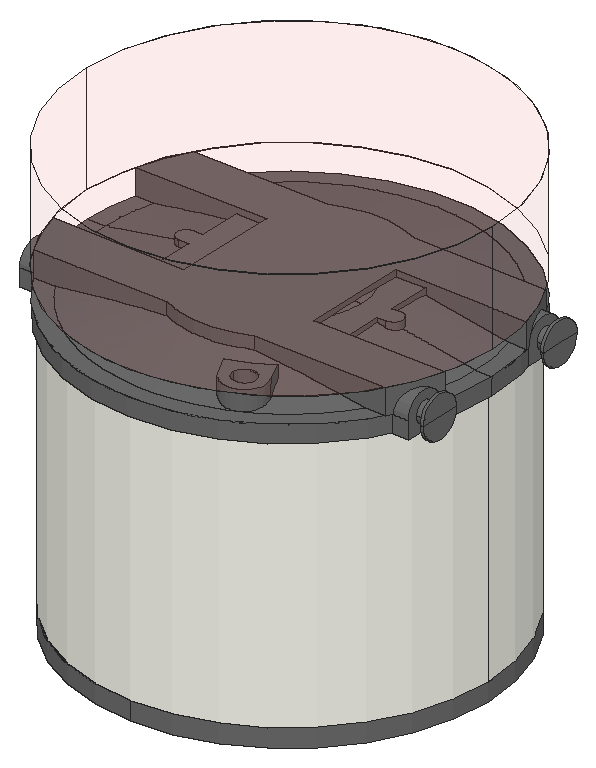
Revit family
Parameters (values of type "1098C2F")
  Watermarked By = "http://revitwatermark.com"
  Water_Ice Tank Volume = "980 Gallons"
  Warning = "Ice tanks are a component in an ice storage system including chillers, pumps, and controls. Contact CALMAC for IceBank® selection support to make sure all system components will work together properly."
  URL = "http://www.calmac.com/"
  Total Cooling Capacity [instance] = 0.0 ton
  Tank Net Usable Capacity = "98 Ton-Hrs"
  Product Page URL = "http://www.calmac.com/products/icebank.asp"
  Is Tank 1 Front Right Connector Visible = not(CTRL Off)  # yes
  Is Tank 1 Front Left Connector Visible = not(CTRL On)  # no
  Is Tank 1 Back Right Connector Visible = not(CTRL Off)  # yes
  Is Tank 1 Back Left Connector Visible = not(CTRL On)  # no
  Surface Finish = Plastic- Calmac- Black
  Supply Coolant Temperature [instance] = -459.67 °F
  Storage Inlet Temperature [instance] = 60 °F
  Shipping Weight = 1275.00 lbf
  Return Coolant Temperature [instance] = -459.67 °F
  Requires Plate Heat Exchanger [instance] = no
  Project/Customer = ""
  Product Documentation Link = "http://www.calmac.com/products/documents/CS-63Model1098C2FAug2007.pdf"
  Pressure Drop [instance] = 0.00 psi
  Precool Hours [instance] = 0
  Pipe Material = Plastic- Calmac- Black
  Operating Weight = 10235.00 lbf
  Occupied Hours [instance] = 0
  Model = "1098C"
  Maximum Operating Temperature = "38°C"
  Maximum Operating Pressure = "620 kPa"
  Manufacturer e-mail = "info@Calmac.com"
  Manufacturer Contact Details = "CALMAC Manufacturing Corporation Headquarters, 3-00 Banta Place, Fair Lawn, NJ  07410, Tel: (201) 797-1511, Fax: (201) 797-1522"
  Manufacturer = "CALMAC Manufacturing Corp."  # constant formula
  Main Use [instance] = ""
  Location [instance] = ""
  Lid Type = Cooling_Plant_Accessories-Calmac-IceBank-Lid_C : Lid-C
  Lid Diameter = 89"  # constant formula
  Leg 4 = 45"  # constant formula
  Leg 1 = 46"  # constant formula
  Latent Cooling Capacity [instance] = 0.0 ton
  Inlet Outlet Center Height = 64"  # constant formula
  Heat Exchanger Volume = "90 Gallons"
  Has Rigging Bar [instance] = no
  Has Plate and Frame Heat Exchanger [instance] = no
  Has Ice Inventory Meter [instance] = no
  Has Heat Transfer Fluid [instance] = no
  Has Glycol Management System [instance] = no
  Floor Loading Weight = "237 lb/sq.ft."
  Factory Tested Pressure = "1724 kPa"
  Diversity Factor [instance] = 0
  Discharge Rate [instance] = 0
  Discharge Hours [instance] = 0
  Description = "Off-Peak Cooling System"
  Is Clearance Box Visible [instance] = yes
  Clearance Box Height = 24"  # constant formula
  City/State [instance] = ""
  CTRL On = yes
  CTRL Off = not(CTRL On)  # no
  CTRL Hydronic Supply Description = "Hydronic Supply"  # constant formula
  CTRL Hydronic Return Description = "Hydronic Return"  # constant formula
  CTRL Base Radius = 43 31/64"
  Body Material = Plastic- Calmac- Off_White
  Has Solid Base [instance] = yes
  Base Height = Inlet Outlet Center Height - 3 3/4"  # 60 1/4"
  Base Finish = Plastic- Calmac- Black
  Assembly Code = "D3030300"
  Actual Chilled Water Flow [instance] = 0 GPM
Reference planes (in)
  plane 1 "Center (Front/Back)": y = 0
  plane 2 "Bottom": z = 0
  plane 3 "Center (Left/Right)": x = 0
  plane 4 "T.O. Base": z = 60.25
  plane 5 "Inlet/Outlet Center (Elevation)": z = 64
  plane 6 "Right Connector Face": x = 46
  plane 7 "Left Connector Face": x = -45
  plane 8 "T.O. Lid": z = 69.5
  plane 9 "Top": z = 93.5
  plane 10 "Front Connector Center (F/B)": y = -16.5
  plane 11 "Back Connector Center (F/B)": y = 16.5
  plane 12 "Back": y = 44.5
  plane 13 "Front": y = -44.5
Dimensions and locks (in)
  locked: plane 5 "Inlet/Outlet Center (Elevation)" to plane 4 "T.O. Base" at 3.75
  "Inlet Outlet Center Height": plane 5 "Inlet/Outlet Center (Elevation)" to plane 2 "Bottom"
  "Leg 1": plane 3 "Center (Left/Right)" to plane 6 "Right Connector Face"
  "Leg 4": plane 7 "Left Connector Face" to plane 3 "Center (Left/Right)"
  locked: plane 8 "T.O. Lid" to plane 5 "Inlet/Outlet Center (Elevation)" at 5.5
  locked: plane 1 "Center (Front/Back)" to plane 11 "Back Connector Center (F/B)" at 16.5
  locked: plane 10 "Front Connector Center (F/B)" to plane 1 "Center (Front/Back)" at 16.5
  locked: plane 1 "Center (Front/Back)" to plane 12 "Back" at 44.5
  locked: plane 13 "Front" to plane 1 "Center (Front/Back)" at 44.5
  "Clearance Box Height": plane 9 "Top" to plane 8 "T.O. Lid"
  plane 7 "Left Connector Face" to plane 6 "Right Connector Face" = 91"
  plane 13 "Front" to plane 12 "Back" = 89"
  aligned and locked: plane 1 "Center (Front/Back)" to nested 1
  aligned and locked: plane 3 "Center (Left/Right)" to nested 1
  aligned and locked: plane 3 "Center (Left/Right)" to nested 2
  aligned and locked: plane 1 "Center (Front/Back)" to nested 2
  aligned and locked: plane 4 "T.O. Base" to nested 2
  aligned and locked: plane 2 "Bottom" to nested 1
Nested families (in)
  nested 1: "Cooling_Plant_Accessories-Calmac-IceBank-Base" at (0, 0, 0), type "Base"
    with Is Symbolic Line Visible no, Has Solid Base yes, CTRL Inner Wall Radius 42 39/64", CTRL Base Radius 43 31/64", Base Height 60 1/4"
  nested 2: "Cooling_Plant_Accessories-Calmac-IceBank-Lid_C" at (0, 0, 60.25), type <- "Lid Type", Is Front Right  Flanged Connector Visibility <- "Is Tank 1 Front Right Connector Visible", Is Front Left  Flanged Connector Visibility <- "Is Tank 1 Front Left Connector Visible", Is Clearance Box Visible <- "Is Clearance Box Visible", Is Back Right Flanged Connector Visibility <- "Is Tank 1 Back Right Connector Visible", Is Back Left  Flanged Connector Visibility <- "Is Tank 1 Back Left Connector Visible", Diameter <- "Lid Diameter", Clearance Box Height <- "Clearance Box Height", type "Lid-C"
    with Is Front Right  Flanged Connector Visibility yes, Is Front Left  Flanged Connector Visibility no, Is Clearance Box Visible yes, Is Back Right Flanged Connector Visibility yes, Is Back Left  Flanged Connector Visibility no, Diameter 89", Clearance Box Height 24", CTRL Radius 44 1/2"
Connectors (in)
  piping at (46.0007, -16.5, 64), driven by "CTRL Hydronic Return Description", driven by "Actual Chilled Water Flow"
    settings: on nested 2, index 2, connector radius 2", flow factor 0, pipe flow 0 GPM, pressure drop 0.00 psi, fitting loss kfactor 0, connector angle 0.00°, fixture units 0, flow configuration 0, flow direction 1, fitting loss method 0, system type 8, connector reference index -1, connector utility 0, adjustable connector no, is connector primary yes, fitting loss table "", connector description "Hydronic Return"
  piping at (46.0007, 16.5, 64), driven by "CTRL Hydronic Supply Description", driven by "Actual Chilled Water Flow"
    settings: on nested 2, index 3, connector radius 2", flow factor 0, pipe flow 0 GPM, pressure drop 0.00 psi, fitting loss kfactor 0, connector angle 0.00°, fixture units 0, flow configuration 0, flow direction 2, fitting loss method 0, system type 7, connector reference index -1, connector utility 0, adjustable connector no, is connector primary no, fitting loss table "", connector description "Hydronic Supply"
Definition of nested family "Cooling_Plant_Accessories-Calmac-IceBank-Base"
  Parameters (values of type "Base")
    Wall Thickness = 7/8"
    URL = "http://www.calmac.com/"
    Type Comments = ""
    Is Symbolic Line Visible = not(Has Solid Base)  # yes
    Has Solid Base = no
    Model = ""
    Manufacturer = "CALMAC Manufacturing Corp."  # constant formula
    CTRL Inner Wall Radius = CTRL Base Radius - Wall Thickness  # 36"
    CTRL Base Radius = 36 7/8"
    Body Material = Plastic- Calmac- Off_White
    Base Height = 43 5/16"
    Base Finish = Plastic- Calmac- Black
    Assembly Code = "D3030"
  Reference planes (in)
    plane 1 "Center (Front/Back)": y = 0
    plane 2 "Bottom": z = 0
    plane 3 "Center (Left/Right)": x = 0
    plane 4 "Back": y = 36.875
    plane 5 "Front": y = -36.875
    plane 6 "Right": x = 36.875
    plane 7 "Left": x = -36.875
    plane 8 "T.O. Base Plate": z = 4
    plane 9 "Right Edge of Right Void": x = 24.125
    plane 10 "Left Edge of Right Void": x = 13.125
    plane 11 "Left Edge of Left Void": x = -24.125
    plane 12 "Right Edge of Left Void": x = -13.125
    plane 13 "T.O. Base Void": z = 2
    plane 14 "T.O. Base": z = 43.3125
  Forms (in)
    Extrusion 1, solid, material "Plastic- Calmac- Black" <- "Base Finish", visible <- "Is Symbolic Line Visible", detail levels fine
      sketch origin (0, 0, 0) x (1, 0, 0) y (0, 1, 0)
        loop
          circle (0, 0) r 36.875
      from 0 to 4
    Extrusion 2, void
      sketch origin (0, 0, 0) x (1, 0, 0) y (0, 1, 0)
        loop
          line (-24.125, 36.875) -> (-24.125, -36.875) -> (-13.125, -36.875) -> (-13.125, 36.875) -> (-24.125, 36.875)
        loop
          line (13.125, 36.875) -> (13.125, -36.875) -> (24.125, -36.875) -> (24.125, 36.875) -> (13.125, 36.875)
      from 0 to 2
    Extrusion 3, solid, material "Plastic- Calmac- Off_White" <- "Body Material", detail levels fine
      sketch origin (0, 0, 0) x (1, 0, 0) y (0, 1, 0)
        loop
          circle (0, 0) r 36.875
        loop
          circle (0, 0) r 36
      from 4 to 43.3125
    Extrusion 4, solid, material "Plastic- Calmac- Black" <- "Base Finish", visible <- "Has Solid Base", detail levels fine
      sketch origin (0, 0, 43.3125) x (0, -1, 0) y (1, 0, 0)
        loop
          circle (0, 0) r 36.875
      from -43.3125 to -39.3125
  Cuts and joins
    Extrusion 2 cuts Extrusion 3
    Extrusion 2 cuts Extrusion 1
  Lines and regions (in)
    Masking region 1
      outline origin (0, 0, 0) x (1, 0, 0) y (0, 1, 0)
        loop
          circle (0, 0) r 36.875
    Masking region 2
      outline origin (0, 0, 0) x (1, 0, 0) y (0, 0, 1)
        loop
          line (-36.875, 0) -> (36.875, 0) -> (36.875, 43.3125) -> (-36.875, 43.3125) -> (-36.875, 0)
    Masking region 3
      outline origin (0, 0, 0) x (0, 1, 0) y (0, 0, 1)
        loop
          line (-36.875, 0) -> (36.875, 0) -> (36.875, 43.3125) -> (-36.875, 43.3125) -> (-36.875, 0)
    symbolic lines, style "Base", detail levels medium+fine
      curve 1: line (-36.875, 0, 4) -> (36.875, 0, 4)
      curve 8: line (0, -36.875, 4) -> (0, 36.875, 4)
    symbolic lines, style "Base", visible <- "Is Symbolic Line Visible", detail levels medium+fine
      curve 2: line (-24.125, 0, 0) -> (-24.125, 0, 2)
      curve 3: line (-24.125, 0, 2) -> (-13.125, 0, 2)
      curve 4: line (13.125, 0, 2) -> (24.125, 0, 2)
      curve 5: line (13.125, 0, 0) -> (13.125, 0, 2)
      curve 6: line (24.125, 0, 0) -> (24.125, 0, 2)
      curve 7: line (-13.125, 0, 0) -> (-13.125, 0, 2)
    model lines, style "Base", detail levels medium
      curve 9: circle (0, 0, 43.3125) r 36.875 normal (0, 0, 1)
      curve 10: circle (0, 0, 4) r 36.875 normal (0, 0, 1)
      curve 11: circle (0, 0, 0) r 36.875 normal (0, 0, 1)
      curve 12: line (36.875, 0, 0) -> (36.875, 0, 43.3125)
      curve 13: line (-36.875, 0, 0) -> (-36.875, 0, 43.3125)
      curve 14: line (0, -36.875, 0) -> (0, -36.875, 43.3125)
      curve 15: line (0, 36.875, 0) -> (0, 36.875, 43.3125)
    model lines, style "Base", detail levels coarse
      curve 16: line (0, 0, 0) -> (0, 0, 43.3125)
  Dimensions and locks (in)
    locked: plane 7 "Left" to plane 11 "Left Edge of Left Void" at 12.75
    locked: plane 7 "Left" to plane 12 "Right Edge of Left Void" at 23.75
    locked: plane 9 "Right Edge of Right Void" to plane 6 "Right" at 12.75
    locked: plane 10 "Left Edge of Right Void" to plane 6 "Right" at 23.75
    "CTRL Base Radius": plane 7 "Left" to plane 3 "Center (Left/Right)"
    "CTRL Base Radius": plane 3 "Center (Left/Right)" to plane 6 "Right"
    "CTRL Base Radius": plane 1 "Center (Front/Back)" to plane 4 "Back"
    "CTRL Base Radius": plane 5 "Front" to plane 1 "Center (Front/Back)"
    locked: plane 8 "T.O. Base Plate" to plane 2 "Bottom" at 4
    "Base Height": plane 14 "T.O. Base" to plane 2 "Bottom"
    locked: plane 13 "T.O. Base Void" to plane 2 "Bottom" at 2
    "CTRL Base Radius": radius of Extrusion 1 sketch curve
    "CTRL Base Radius": radius of Extrusion 3 sketch curve
    "CTRL Inner Wall Radius": radius of Extrusion 3 sketch curve
    "CTRL Base Radius": radius of Masking region 1 sketch curve
    "CTRL Base Radius": radius of curve 9
    "CTRL Base Radius": radius of curve 10
    "CTRL Base Radius": radius of curve 11
    "CTRL Base Radius": radius of Extrusion 4 sketch curve
    aligned and locked: plane 3 "Center (Left/Right)" to Extrusion 1 sketch curve
    aligned and locked: plane 1 "Center (Front/Back)" to Extrusion 1 sketch curve
    aligned and locked: Extrusion 1 to plane 2 "Bottom"
    aligned and locked: plane 8 "T.O. Base Plate" to Extrusion 1
    aligned and locked: plane 2 "Bottom" to Extrusion 1
    aligned and locked: Extrusion 2 sketch curve to plane 4 "Back"  (x2)
    aligned and locked: Extrusion 2 sketch curve to plane 12 "Right Edge of Left Void"
    aligned and locked: plane 11 "Left Edge of Left Void" to Extrusion 2 sketch curve
    aligned and locked: Extrusion 2 sketch curve to plane 5 "Front"  (x2)
    aligned and locked: Extrusion 2 sketch curve to plane 10 "Left Edge of Right Void"
    aligned and locked: Extrusion 2 sketch curve to plane 9 "Right Edge of Right Void"
    aligned and locked: plane 13 "T.O. Base Void" to Extrusion 2
    aligned and locked: Extrusion 2 to plane 2 "Bottom"
    aligned and locked: Extrusion 2 to plane 5 "Front"
    aligned and locked: plane 4 "Back" to Extrusion 2
    aligned and locked: Extrusion 2 to plane 13 "T.O. Base Void"  (x2)
    aligned and locked: plane 11 "Left Edge of Left Void" to Extrusion 2
    aligned and locked: plane 2 "Bottom" to Extrusion 2  (x2)
    aligned and locked: Extrusion 2 to plane 12 "Right Edge of Left Void"
    aligned and locked: plane 10 "Left Edge of Right Void" to Extrusion 2
    aligned and locked: Extrusion 2 to plane 9 "Right Edge of Right Void"
    aligned and locked: plane 3 "Center (Left/Right)" to Extrusion 3 sketch curve  (x2)
    aligned and locked: plane 1 "Center (Front/Back)" to Extrusion 3 sketch curve  (x2)
    aligned and locked: Extrusion 3 to plane 8 "T.O. Base Plate"
    aligned and locked: plane 14 "T.O. Base" to Extrusion 3
    aligned and locked: plane 3 "Center (Left/Right)" to Masking region 1 sketch curve
    aligned and locked: plane 1 "Center (Front/Back)" to Masking region 1 sketch curve
    aligned and locked: Masking region 2 sketch curve to plane 14 "T.O. Base"
    aligned and locked: plane 6 "Right" to Masking region 2 sketch curve
    aligned and locked: plane 2 "Bottom" to Masking region 2 sketch curve
    aligned and locked: Masking region 2 sketch curve to plane 7 "Left"
    aligned and locked: plane 7 "Left" to curve 1
    aligned and locked: plane 6 "Right" to curve 1
    aligned and locked: curve 1 to plane 8 "T.O. Base Plate"
    aligned and locked: plane 11 "Left Edge of Left Void" to curve 3
    aligned and locked: plane 12 "Right Edge of Left Void" to curve 3
    aligned and locked: curve 3 to plane 13 "T.O. Base Void"
    aligned and locked: plane 2 "Bottom" to curve 2
    aligned and locked: curve 2 to plane 11 "Left Edge of Left Void"
    aligned and locked: plane 10 "Left Edge of Right Void" to curve 4
    aligned and locked: plane 9 "Right Edge of Right Void" to curve 4
    aligned and locked: plane 13 "T.O. Base Void" to curve 5
    aligned and locked: plane 13 "T.O. Base Void" to curve 6
    aligned and locked: plane 2 "Bottom" to curve 5
    aligned and locked: curve 5 to plane 10 "Left Edge of Right Void"
    aligned and locked: curve 6 to plane 9 "Right Edge of Right Void"
    aligned and locked: plane 13 "T.O. Base Void" to curve 7
    aligned and locked: plane 2 "Bottom" to curve 7
    aligned and locked: curve 7 to plane 12 "Right Edge of Left Void"
    aligned and locked: plane 5 "Front" to Masking region 3 sketch curve
    aligned and locked: plane 14 "T.O. Base" to Masking region 3 sketch curve
    aligned and locked: Masking region 3 sketch curve to plane 4 "Back"
    aligned and locked: plane 2 "Bottom" to Masking region 3 sketch curve
    aligned and locked: plane 4 "Back" to curve 8
    aligned and locked: plane 5 "Front" to curve 8
    aligned and locked: curve 8 to plane 8 "T.O. Base Plate"
    aligned and locked: plane 3 "Center (Left/Right)" to curve 9
    aligned and locked: plane 1 "Center (Front/Back)" to curve 9
    aligned and locked: curve 9 to plane 14 "T.O. Base"
    aligned and locked: curve 10 to plane 8 "T.O. Base Plate"
    aligned and locked: plane 3 "Center (Left/Right)" to curve 10
    aligned and locked: plane 1 "Center (Front/Back)" to curve 10
    aligned: curve 11 to plane 2 "Bottom"
    aligned and locked: plane 3 "Center (Left/Right)" to curve 11
    aligned and locked: plane 1 "Center (Front/Back)" to curve 11
    aligned and locked: plane 14 "T.O. Base" to curve 12
    aligned and locked: plane 14 "T.O. Base" to curve 13
    aligned and locked: plane 2 "Bottom" to curve 12
    aligned and locked: plane 2 "Bottom" to curve 13
    aligned and locked: curve 12 to plane 6 "Right"
    aligned and locked: curve 13 to plane 7 "Left"
    aligned and locked: curve 12 to plane 1 "Center (Front/Back)"
    aligned and locked: curve 13 to plane 1 "Center (Front/Back)"
    aligned and locked: plane 14 "T.O. Base" to curve 14
    aligned and locked: plane 14 "T.O. Base" to curve 15
    aligned and locked: plane 2 "Bottom" to curve 14
    aligned and locked: plane 2 "Bottom" to curve 15
    aligned and locked: plane 4 "Back" to curve 15
    aligned and locked: plane 5 "Front" to curve 14
    aligned and locked: plane 3 "Center (Left/Right)" to curve 14
    aligned and locked: plane 3 "Center (Left/Right)" to curve 15
    aligned and locked: plane 14 "T.O. Base" to curve 16
    aligned and locked: plane 2 "Bottom" to curve 16
    aligned and locked: plane 3 "Center (Left/Right)" to curve 16
    aligned and locked: curve 16 to plane 1 "Center (Front/Back)"
    aligned and locked: plane 1 "Center (Front/Back)" to Extrusion 4 sketch curve
    aligned and locked: plane 3 "Center (Left/Right)" to Extrusion 4 sketch curve
    aligned and locked: plane 8 "T.O. Base Plate" to Extrusion 4
    aligned and locked: Extrusion 4 to plane 2 "Bottom"
  Automatic sketch dimensions
    curve 6 to level = 0"
Definition of nested family "Cooling_Plant_Accessories-Calmac-IceBank-Lid_C"
  Parameters (values of type "Lid-C")
    Surface Finish = Plastic- Calmac- Black
    Pipe Material = Plastic- Calmac- Black
    Is Front Right  Flanged Connector Visibility [instance] = yes
    Is Front Left  Flanged Connector Visibility [instance] = yes
    Diameter [instance] = 88 5/8"
    Is Clearance Box Visible [instance] = yes
    Clearance Box Height [instance] = 36"
    CTRL Radius [instance] = Diameter / 2  # 44 5/16"
    Is Back Right Flanged Connector Visibility [instance] = yes
    Is Back Left  Flanged Connector Visibility [instance] = yes
  Reference planes (in)
    plane 1 "Center (Front/Back)": y = 0
    plane 2 "Bottom": z = 0
    plane 3 "Center (Left/Right)": x = 0
    plane 4 "Back": y = 44.315
    plane 5 "Back Connector Back": y = 20.75
    plane 6 "Back Connector Center": y = 16.5
    plane 7 "Back Connector Front": y = 12.25
    plane 8 "Piping Back": y = 21.88647
    plane 9 "Rigging Back": y = 11.25
    plane 10 "Rigging Loop Back": y = 2
    plane 11 "Top Back Edge": y = 24
    plane 12 "Back Inset": y = 40.5
    plane 13 "Back Bolt Front": y = 41.313
    plane 14 "Front": y = -44.315
    plane 15 "Front Connection Front": y = -20.75
    plane 16 "Fron Connector Center": y = -16.5
    plane 17 "Front Connector Back": y = -12.25
    plane 18 "Piping Front": y = -21.88647
    plane 19 "Rigging Front": y = -11.25
    plane 20 "Rigging Loop Front": y = -2
    plane 21 "Top Front Edge": y = -24
    plane 22 "Front Inset": y = -40.5
    plane 23 "Pad Eye Back Right": y = -25.81593
    plane 24 "Pad Eye Back Left Offset": y = -29.90257
    plane 25 "Pad Eye Hole": y = -34.65277
    plane 26 "Pad Eye Back Left": y = -29.72849
    plane 27 "Pad Eye Front Center": y = -36.16371
    plane 28 "Left Connection": x = -44.04297
    plane 29 "Left": x = -44.31273
    plane 30 "Left Lip Inset": x = -40.49773
    plane 31 "Left Rigging Loop Left": x = -24.67173
    plane 32 "Left Rigging Loop Inset": x = -21.42181
    plane 33 "Left Rigging Loop Right": x = -20.67011
    plane 34 "Left Rigging Right": x = -14.19546
    plane 35 "Top Left": x = -9.54335
    plane 36 "Right Connection": x = 44.04297
    plane 37 "Right": x = 44.31273
    plane 38 "Lid Inset Right": x = 40.49773
    plane 39 "Right Rigging Loop Right": x = 24.67173
    plane 40 "Right Rigging Loop Inset": x = 21.42181
    plane 41 "Right Rigging Loop Left": x = 20.67011
    plane 42 "Right Rigging Left": x = 14.19546
    plane 43 "Top Right": x = 9.54335
    plane 44 "Connection Sleeve Left": x = -42.58273
    plane 45 "Connection Sleeve Right": x = 42.58273
    plane 46 "Right Center": x = 17.8202
    plane 47 "Bolt Inset Right": x = 1.00017
    plane 48 "Bolt Inset Left": x = -1.00017
    plane 49 "Bolt Inset Center": y = 42.31422
    plane 50 "Top Left Inset": x = -38.53052
    plane 51 "Top Right Inset": x = 38.53052
    plane 52 "Right Side Chanel": x = 42.86089
    plane 53 "Left Side Channel": x = -42.86089
    plane 54 "Top of Clearance Box": z = 45.25
    plane 55 "Top": z = 9.25
    plane 56 "Connector Channel Top": z = 8
    plane 57 "Center (Elevation)": z = 3.75
    plane 58 "Front Inset 2": y = -36.85443
    plane 59 "Flange Left": x = -46.0007
    plane 60 "Flange Right": x = 46.0007
  Forms (in)
    Revolve 1, solid, material "Plastic- Calmac- Black" <- "Surface Finish", detail levels fine
      sketch origin (0, 0, 0) x (1, 0, 0) y (0, 0, 1)
        loop
          line (0, 9) -> (0, 0) -> (44.31273, 0) -> (44.31273, 3.75) -> (40.49773, 3.75) -> (9.54335, 9) -> (0, 9)
        axis (0, 9) -> (0, 0)
      angle from 0 to 360
    Extrusion 2, solid, material "Plastic- Calmac- Black" <- "Surface Finish", detail levels fine
      sketch origin (0, 0, 0) x (1, 0, 0) y (0, 1, 0)
        loop
          arc (-38.53052, 21.88647) -> (-41.04173, 16.70911) -> (-42.86089, 11.25) r 44.31273
          line (-42.86089, 11.25) -> (-14.19546, 11.25) -> (-14.19546, -11.25) -> (-42.86089, -11.25)
          arc (-42.86089, -11.25) -> (-41.04173, -16.70911) -> (-38.53052, -21.88647) r 44.31273
          line (-38.53052, -21.88647) -> (-9.54335, -21.88647)
          arc (-9.54335, -21.88647) -> (0, -24) -> (9.54335, -21.88647) r 22.60261
          line (9.54335, -21.88647) -> (38.53052, -21.88647)
          arc (38.53052, -21.88647) -> (41.04173, -16.70911) -> (42.86089, -11.25) r 44.31273
          line (42.86089, -11.25) -> (14.19546, -11.25) -> (14.19546, 11.25) -> (42.86089, 11.25)
          arc (42.86089, 11.25) -> (41.04173, 16.70911) -> (38.53052, 21.88647) r 44.31273
          line (38.53052, 21.88647) -> (9.54335, 21.88647)
          arc (9.54335, 21.88647) -> (0, 24) -> (-9.54335, 21.88647) r 22.60261
          line (-9.54335, 21.88647) -> (-38.53052, 21.88647)
      from 3.75 to 9.25
    Extrusion 3, solid, material "Plastic- Calmac- Black" <- "Surface Finish", detail levels fine
      sketch origin (0, 0, 0) x (0, 1, 0) y (0, 0, 1)
        loop
          arc (20.75, 3.75) -> (16.5, 8) -> (12.25, 3.75) r 4.25
          line (12.25, 3.75) -> (12.25, 0) -> (20.75, 0) -> (20.75, 3.75)
        loop
          arc (-12.25, 3.75) -> (-16.5, 8) -> (-20.75, 3.75) r 4.25
          line (-20.75, 3.75) -> (-20.75, 0) -> (-12.25, 0) -> (-12.25, 3.75)
      from -42.58273 to 42.58273
    Extrusion 4, solid, material "Plastic- Calmac- Black" <- "Surface Finish", detail levels fine
      sketch origin (0, 0, 0) x (1, 0, 0) y (0, 1, 0)
        loop
          circle (15.75299, -32.19443) r 2.46875
        loop
          arc (17.70624, -25.58301) -> (13.67455, -27.9461) -> (9.33437, -29.67863) r 31.11
          line (9.33437, -29.67863) -> (11.56709, -34.24232)
          arc (11.56709, -34.24232) -> (17.80089, -36.38032) -> (19.93889, -30.14653) r 4.66
          line (19.93889, -30.14653) -> (17.70624, -25.58301)
      from 3.75 to 8
    Extrusion 5, solid, material "Plastic- Calmac- Black" <- "Surface Finish", detail levels fine
      sketch origin (0, 0, 0) x (1, 0, 0) y (0, 1, 0)
        loop
          line (-20.67011, 11.25) -> (-20.67011, 2) -> (-22.67173, 2)
          arc (-22.67173, 2) -> (-24.67173, 0) -> (-22.67173, -2) r 2
          line (-22.67173, -2) -> (-20.67011, -2) -> (-20.67011, -11.25) -> (-14.19546, -11.25) -> (-14.19546, 11.25) -> (-20.67011, 11.25)
        loop
          line (20.67011, 2) -> (20.67011, 11.25) -> (14.19546, 11.25) -> (14.19546, -11.25) -> (20.67011, -11.25) -> (20.67011, -2) -> (22.67548, -2)
          arc (22.67548, -2) -> (24.67548, 0) -> (22.67548, 2) r 2
          line (22.67548, 2) -> (20.67011, 2)
      from 3.75 to 8
  Cuts and joins
    joined: Revolve 1, Extrusion 2, Extrusion 4, Extrusion 5
  Lines and regions (in)
    Masking region 1
      outline origin (0, 0, 0) x (1, 0, 0) y (0, 0, 1)
        loop
          line (-44.31273, 9.25) -> (-44.31273, 0) -> (44.31273, 0) -> (44.31273, 9.25) -> (-44.31273, 9.25)
    Masking region 2
      outline origin (0, 0, 0) x (0, 1, 0) y (0, 0, 1)
        loop
          line (44.315, 3.75) -> (40.5, 3.75) -> (24, 6.54801) -> (24, 9.25) -> (-24, 9.25) -> (-24, 6.54801) -> (-25.58301, 6.26888) -> (-25.58301, 8) -> (-36.85443, 8) -> (-36.85443, 4.39281) -> (-40.5, 3.75) -> (-44.315, 3.75) -> (-44.315, 0) -> (44.315, 0) -> (44.315, 3.75)
    Masking region 3
      outline origin (0, 0, 3.75) x (-1, 0, 0) y (0, -1, 0)
        loop
          arc (-44.31273, 0) -> (-43.8781, -6.19116) -> (-42.58273, -12.26088) r 44.31273
          line (-42.58273, -12.26088) -> (-42.58273, -20.75) -> (-39.15426, -20.75)
          arc (-39.15426, -20.75) -> (0, -44.31273) -> (39.15426, -20.75) r 44.31273
          line (39.15426, -20.75) -> (42.58273, -20.75) -> (42.58273, -12.26088)
          arc (42.58273, -12.26088) -> (43.8781, -6.19116) -> (44.31273, 0) r 44.31273
          arc (44.31273, 0) -> (43.8781, 6.19116) -> (42.58273, 12.26088) r 44.31273
          line (42.58273, 12.26088) -> (42.58273, 20.75) -> (39.15426, 20.75)
          arc (39.15426, 20.75) -> (0, 44.31273) -> (-39.15426, 20.75) r 44.31273
          line (-39.15426, 20.75) -> (-42.58273, 20.75) -> (-42.58273, 12.26088)
          arc (-42.58273, 12.26088) -> (-43.8781, 6.19116) -> (-44.31273, 0) r 44.31273
    symbolic lines, detail levels fine
      curve 1: line (1.00017, 44.315, 3.75) -> (1.00017, 42.31422, 3.75)
      curve 2: line (-1.00017, 44.315, 3.75) -> (-1.00017, 42.31422, 3.75)
      curve 3: arc (-1.00017, 42.31422, 3.75) -> (0, 41.31405, 3.75) -> (1.00017, 42.31422, 3.75) r 1.00017
      curve 4: line (10.83611, 42.98137, 3.75) -> (10.39089, 41.03076, 3.75)
      curve 5: line (8.88592, 43.42649, 3.75) -> (8.44071, 41.47588, 3.75)
      curve 6: arc (8.44071, 41.47588, 3.75) -> (9.19324, 40.27822, 3.75) -> (10.39089, 41.03076, 3.75) r 1.00017
      curve 7: line (-8.88592, 43.42649, 3.75) -> (-8.44071, 41.47588, 3.75)
      curve 8: line (-10.83611, 42.98137, 3.75) -> (-10.39089, 41.03076, 3.75)
      curve 9: arc (-10.39089, 41.03076, 3.75) -> (-9.19324, 40.27822, 3.75) -> (-8.44071, 41.47588, 3.75) r 1.00017
      curve 10: line (-18.32644, 40.36039, 3.75) -> (-17.45833, 38.55775, 3.75)
      curve 11: line (-20.12868, 39.49248, 3.75) -> (-19.26058, 37.68984, 3.75)
      curve 12: arc (-19.26058, 37.68984, 3.75) -> (-17.9255, 37.22267, 3.75) -> (-17.45833, 38.55775, 3.75) r 1.00017
      curve 13: line (-26.84799, 35.27046, 3.75) -> (-25.60052, 33.70619, 3.75)
      curve 14: line (-28.41192, 34.02327, 3.75) -> (-27.16445, 32.45899, 3.75)
      curve 15: arc (-27.16445, 32.45899, 3.75) -> (-25.75889, 32.30063, 3.75) -> (-25.60052, 33.70619, 3.75) r 1.00017
      curve 16: line (-34.02327, 28.41192, 3.75) -> (-32.45899, 27.16445, 3.75)
      curve 17: line (-35.27046, 26.84799, 3.75) -> (-33.70619, 25.60052, 3.75)
      curve 18: arc (-33.70619, 25.60052, 3.75) -> (-32.30063, 25.75889, 3.75) -> (-32.45899, 27.16445, 3.75) r 1.00017
      curve 19: line (-42.98137, 10.83611, 3.75) -> (-41.03076, 10.39089, 3.75)
      curve 20: line (-43.42649, 8.88592, 3.75) -> (-41.47588, 8.44071, 3.75)
      curve 21: arc (-41.47588, 8.44071, 3.75) -> (-40.27822, 9.19324, 3.75) -> (-41.03076, 10.39089, 3.75) r 1.00017
      curve 22: line (-44.315, 1.00017, 3.75) -> (-42.31422, 1.00017, 3.75)
      curve 23: line (-44.315, -1.00017, 3.75) -> (-42.31422, -1.00017, 3.75)
      curve 24: arc (-42.31422, -1.00017, 3.75) -> (-41.31405, 0, 3.75) -> (-42.31422, 1.00017, 3.75) r 1.00017
      curve 25: line (-43.42649, -8.88592, 3.75) -> (-41.47588, -8.44071, 3.75)
      curve 26: line (-42.98137, -10.83611, 3.75) -> (-41.03076, -10.39089, 3.75)
      curve 27: arc (-41.03076, -10.39089, 3.75) -> (-40.27822, -9.19324, 3.75) -> (-41.47588, -8.44071, 3.75) r 1.00017
      curve 28: line (-35.27046, -26.84799, 3.75) -> (-33.70619, -25.60052, 3.75)
      curve 29: line (-34.02327, -28.41192, 3.75) -> (-32.45899, -27.16445, 3.75)
      curve 30: arc (-32.45899, -27.16445, 3.75) -> (-32.30063, -25.75889, 3.75) -> (-33.70619, -25.60052, 3.75) r 1.00017
      curve 31: line (-28.41192, -34.02327, 3.75) -> (-27.16445, -32.45899, 3.75)
      curve 32: line (-26.84799, -35.27046, 3.75) -> (-25.60052, -33.70619, 3.75)
      curve 33: arc (-25.60052, -33.70619, 3.75) -> (-25.75889, -32.30063, 3.75) -> (-27.16445, -32.45899, 3.75) r 1.00017
      curve 34: line (-20.12868, -39.49248, 3.75) -> (-19.26058, -37.68984, 3.75)
      curve 35: line (-18.32644, -40.36039, 3.75) -> (-17.45833, -38.55775, 3.75)
      curve 36: arc (-17.45833, -38.55775, 3.75) -> (-17.9255, -37.22267, 3.75) -> (-19.26058, -37.68984, 3.75) r 1.00017
      curve 37: line (-10.83611, -42.98137, 3.75) -> (-10.39089, -41.03076, 3.75)
      curve 38: line (-8.88592, -43.42649, 3.75) -> (-8.44071, -41.47588, 3.75)
      curve 39: arc (-8.44071, -41.47588, 3.75) -> (-9.19324, -40.27822, 3.75) -> (-10.39089, -41.03076, 3.75) r 1.00017
      curve 40: line (-1.00017, -44.315, 3.75) -> (-1.00017, -42.31422, 3.75)
      curve 41: line (1.00017, -44.315, 3.75) -> (1.00017, -42.31422, 3.75)
      curve 42: arc (1.00017, -42.31422, 3.75) -> (0, -41.31405, 3.75) -> (-1.00017, -42.31422, 3.75) r 1.00017
      curve 43: line (8.88592, -43.42649, 3.75) -> (8.44071, -41.47588, 3.75)
      curve 44: line (10.83611, -42.98137, 3.75) -> (10.39089, -41.03076, 3.75)
      curve 45: arc (10.39089, -41.03076, 3.75) -> (9.19324, -40.27822, 3.75) -> (8.44071, -41.47588, 3.75) r 1.00017
      curve 46: line (18.32644, -40.36039, 3.75) -> (17.45833, -38.55775, 3.75)
      curve 47: line (20.12868, -39.49248, 3.75) -> (19.26058, -37.68984, 3.75)
      curve 48: arc (19.26058, -37.68984, 3.75) -> (17.9255, -37.22267, 3.75) -> (17.45833, -38.55775, 3.75) r 1.00017
      curve 49: line (26.84799, -35.27046, 3.75) -> (25.60052, -33.70619, 3.75)
      curve 50: line (28.41192, -34.02327, 3.75) -> (27.16445, -32.45899, 3.75)
      curve 51: arc (27.16445, -32.45899, 3.75) -> (25.75889, -32.30063, 3.75) -> (25.60052, -33.70619, 3.75) r 1.00017
      curve 52: line (34.02327, -28.41192, 3.75) -> (32.45899, -27.16445, 3.75)
      curve 53: line (35.27046, -26.84799, 3.75) -> (33.70619, -25.60052, 3.75)
      curve 54: arc (33.70619, -25.60052, 3.75) -> (32.30063, -25.75889, 3.75) -> (32.45899, -27.16445, 3.75) r 1.00017
      curve 55: line (42.98137, -10.83611, 3.75) -> (41.03076, -10.39089, 3.75)
      curve 56: line (43.42649, -8.88592, 3.75) -> (41.47588, -8.44071, 3.75)
      curve 57: arc (41.47588, -8.44071, 3.75) -> (40.27822, -9.19324, 3.75) -> (41.03076, -10.39089, 3.75) r 1.00017
      curve 58: line (44.315, -1.00017, 3.75) -> (42.31422, -1.00017, 3.75)
      curve 59: line (44.315, 1.00017, 3.75) -> (42.31422, 1.00017, 3.75)
      curve 60: arc (42.31422, 1.00017, 3.75) -> (41.31405, 0, 3.75) -> (42.31422, -1.00017, 3.75) r 1.00017
      curve 61: line (43.42649, 8.88592, 3.75) -> (41.47588, 8.44071, 3.75)
      curve 62: line (42.98137, 10.83611, 3.75) -> (41.03076, 10.39089, 3.75)
      curve 63: arc (41.03076, 10.39089, 3.75) -> (40.27822, 9.19324, 3.75) -> (41.47588, 8.44071, 3.75) r 1.00017
      curve 64: line (35.27046, 26.84799, 3.75) -> (33.70619, 25.60052, 3.75)
      curve 65: line (34.02327, 28.41192, 3.75) -> (32.45899, 27.16445, 3.75)
      curve 66: arc (32.45899, 27.16445, 3.75) -> (32.30063, 25.75889, 3.75) -> (33.70619, 25.60052, 3.75) r 1.00017
      curve 67: line (28.41192, 34.02327, 3.75) -> (27.16445, 32.45899, 3.75)
      curve 68: line (26.84799, 35.27046, 3.75) -> (25.60052, 33.70619, 3.75)
      curve 69: arc (25.60052, 33.70619, 3.75) -> (25.75889, 32.30063, 3.75) -> (27.16445, 32.45899, 3.75) r 1.00017
      curve 70: line (20.12868, 39.49248, 3.75) -> (19.26058, 37.68984, 3.75)
      curve 71: line (18.32644, 40.36039, 3.75) -> (17.45833, 38.55775, 3.75)
      curve 72: arc (17.45833, 38.55775, 3.75) -> (17.9255, 37.22267, 3.75) -> (19.26058, 37.68984, 3.75) r 1.00017
    symbolic lines, style "Thermal Energy Storage", detail levels medium+fine
      curve 73: arc (0, 20.75, 3.75) -> (0, 16.5, 8) -> (0, 12.25, 3.75) r 4.25
      curve 74: line (0, 20.75, 0) -> (0, 20.75, 3.75)
      curve 75: line (0, 12.25, 3.75) -> (0, 12.25, 0)
      curve 77: line (0, 21.88647, 3.75) -> (0, 21.88647, 9.25)
      curve 78: line (0, 21.88647, 3.75) -> (0, 40.5, 3.75)
      curve 80: line (0, -11.25, 3.75) -> (0, -11.25, 9.25)
      curve 86: line (0, 11.25, 9.25) -> (0, 11.25, 3.75)
      curve 87: line (0, 11.25, 3.75) -> (0, -11.25, 3.75)
      curve 88: arc (0, -12.25, 3.75) -> (0, -16.5, 8) -> (0, -20.75, 3.75) r 4.25
      curve 89: line (0, -12.25, 0) -> (0, -12.25, 3.75)
      curve 90: line (0, -20.75, 3.75) -> (0, -20.75, 0)
      curve 95: line (0, -21.88647, 9.25) -> (0, -21.88647, 3.75)
      curve 96: line (0, -21.88647, 3.75) -> (0, -40.49773, 3.75)
      curve 98: line (-38.53052, 0, 3.75) -> (38.53052, 0, 3.75)
      curve 100: line (-38.53052, 0, 3.75) -> (-38.53052, 0, 9.25)
      curve 110: line (38.53052, 0, 3.75) -> (38.53052, 0, 9.25)
      curve 121: line (-9.54335, 21.88647, 3.75) -> (-38.53052, 21.88647, 3.75)
      curve 122: arc (-38.53052, 21.88647, 3.75) -> (-41.04173, 16.70911, 3.75) -> (-42.86089, 11.25, 3.75) r 44.31273
      curve 123: line (-42.86089, 11.25, 3.75) -> (-14.19546, 11.25, 3.75)
      curve 124: line (-14.19546, 11.25, 3.75) -> (-14.19546, -11.25, 3.75)
      curve 125: line (-14.19546, -11.25, 3.75) -> (-42.86089, -11.25, 3.75)
      curve 126: arc (-42.86089, -11.25, 3.75) -> (-41.04173, -16.70911, 3.75) -> (-38.53052, -21.88647, 3.75) r 44.31273
      curve 127: line (-38.53052, -21.88647, 3.75) -> (-9.54335, -21.88647, 3.75)
      curve 128: arc (-9.54335, -21.88647, 3.75) -> (0, -24, 3.75) -> (9.54335, -21.88647, 3.75) r 22.60261
      curve 129: line (9.54335, -21.88647, 3.75) -> (38.53052, -21.88647, 3.75)
      curve 130: arc (38.53052, -21.88647, 3.75) -> (41.04173, -16.70911, 3.75) -> (42.86089, -11.25, 3.75) r 44.31273
      curve 131: line (42.86089, -11.25, 3.75) -> (14.19546, -11.25, 3.75)
      curve 132: line (14.19546, -11.25, 3.75) -> (14.19546, 11.25, 3.75)
      curve 133: line (14.19546, 11.25, 3.75) -> (42.86089, 11.25, 3.75)
      curve 134: arc (42.86089, 11.25, 3.75) -> (41.04173, 16.70911, 3.75) -> (38.53052, 21.88647, 3.75) r 44.31273
      curve 135: line (38.53052, 21.88647, 3.75) -> (9.54335, 21.88647, 3.75)
      curve 136: arc (9.54335, 21.88647, 3.75) -> (0, 24, 3.75) -> (-9.54335, 21.88647, 3.75) r 22.60261
      curve 165: arc (-34.07417, -21.88647, 3.75) -> (0, -40.51236, 3.75) -> (34.07417, -21.88647, 3.75) r 40.48056
      curve 166: arc (-38.90378, -11.25, 3.75) -> (-40.49773, 0, 3.75) -> (-38.90378, 11.25, 3.75) r 40.49773
      curve 167: arc (-34.07417, 21.88647, 3.75) -> (0, 40.5, 3.75) -> (34.07417, 21.88647, 3.75) r 40.49507
      curve 168: arc (38.90378, 11.25, 3.75) -> (40.49773, 0, 3.75) -> (38.90378, -11.25, 3.75) r 40.49773
    symbolic lines, style "Thermal Energy Storage", detail levels fine
      curve 76: line (0, 24, 6.54801) -> (0, 21.87678, 6.54801)
      curve 79: arc (0, -2, 7.09716) -> (0, -6.62882, 6.93697) -> (0, -11.25, 6.62646) r 142.52273
      curve 81: line (0, -11.25, 8) -> (0, -2, 8)
      curve 82: line (0, -2, 8) -> (0, -2, 6.75604)
      curve 83: arc (0, 11.25, 6.62646) -> (0, 6.62882, 6.93697) -> (0, 2, 7.09716) r 142.52273
      curve 84: line (0, 2, 6.75593) -> (0, 2, 8)
      curve 85: line (0, 2, 8) -> (0, 11.25, 8)
      curve 91: line (0, -36.85495, 4.39272) -> (0, -25.60206, 6.37691)
      curve 92: line (0, -24, 6.54801) -> (0, -21.9107, 6.54801)
      curve 93: spline (0, -1.99864, 6.75604) -> (0, -1.98159, 6.71429) -> (0, -1.93074, 6.67324) -> (0, -1.84694, 6.63358) -> (0, -1.73161, 6.59599) -> (0, -1.58672, 6.56109) -> (0, -1.4147, 6.52948) -> (0, -1.21849, 6.50169) -> (0, -1.0014, 6.4782) -> (0, -0.7671, 6.45941) -> (0, -0.51958, 6.44563) -> (0, -0.26302, 6.43709) -> (0, -0.00177, 6.43395)
      curve 94: spline (0, -0.00177, 6.43395) -> (0, 0.25981, 6.43472) -> (0, 0.51674, 6.44125) -> (0, 0.76466, 6.45344) -> (0, 0.99936, 6.47108) -> (0, 1.21686, 6.49387) -> (0, 1.41346, 6.52142) -> (0, 1.58583, 6.55326) -> (0, 1.73103, 6.58885) -> (0, 1.84661, 6.62759) -> (0, 1.93059, 6.66882) -> (0, 1.98156, 6.71185) -> (0, 1.99865, 6.75593)
      curve 97: line (-42.58273, 0, 8) -> (-42.58273, 0, 0)
      curve 99: spline (9.33437, 0, 6.56806) -> (7.83355, 0, 6.56193) -> (6.29236, 0, 6.55689) -> (4.71875, 0, 6.55296) -> (3.12081, 0, 6.55016) -> (1.50679, 0, 6.54851) -> (-0.115, 0, 6.54801) -> (-1.73619, 0, 6.54867) -> (-3.34844, 0, 6.55049) -> (-4.94343, 0, 6.55345) -> (-6.51294, 0, 6.55754) -> (-8.04888, 0, 6.56273) -> (-9.54335, 0, 6.56901)
      curve 101: line (9.33437, 0, 5.34188) -> (9.33437, 0, 8)
      curve 102: line (20.41299, 0, 8) -> (9.33437, 0, 8)
      curve 103: line (9.54335, 0, 8) -> (9.54335, 0, 9)
      curve 104: line (20.41299, 0, 8) -> (20.41299, 0, 4.17536)
      curve 105: line (9.33437, 0, 5.34188) -> (11.56709, 0, 4.48854)
      curve 106: arc (11.56709, 0, 4.48854) -> (14.16986, 0, 3.94334) -> (16.82208, 0, 3.75) r 19.90238
      curve 107: arc (20.41299, 0, 4.17536) -> (20.37233, 0, 4.0464) -> (20.26505, 0, 3.96408) r 0.22484
      curve 108: line (18.16352, 0, 3.75) -> (20.26505, 0, 3.96408)
      curve 109: line (20.41299, 0, 5.54906) -> (33.00047, 0, 3.75)
      curve 111: line (42.58273, 0, 0) -> (42.58273, 0, 8)
      curve 112: arc (41.33273, 0, 8) -> (39.81665, 0, 7.15086) -> (39.24367, 0, 5.51036) r 2.45264
      curve 113: line (39.24367, 0, 5.51036) -> (39.08966, 0, 3.75)
      curve 114: line (41.33273, 0, 8) -> (42.58273, 0, 8)
      curve 115: line (-9.54335, 0, 6.56901) -> (-34.07417, 0, 3.75)
      curve 116: line (39.08966, 0, 3.75) -> (39.08966, 0, 0)
      curve 117: arc (-41.33273, 0, 8) -> (-39.81665, 0, 7.15086) -> (-39.24367, 0, 5.51036) r 2.45264
      curve 118: line (-39.24367, 0, 5.51036) -> (-39.08966, 0, 3.75)
      curve 119: line (-39.08966, 0, 3.75) -> (-39.08966, 0, 0)
      curve 120: line (-42.58273, 0, 8) -> (-41.33273, 0, 8)
      curve 137: line (20.67011, 2, 3.75) -> (20.67011, 11.25, 3.75)
      curve 138: line (20.67011, 11.25, 3.75) -> (14.19546, 11.25, 3.75)
      curve 139: line (14.19546, 11.25, 3.75) -> (14.19546, 6.07162, 3.75)
      curve 140: arc (14.19546, 6.07162, 3.75) -> (15.12523, 3.09887, 3.75) -> (15.43942, 0, 3.75) r 15.43942
      curve 141: arc (15.43942, 0, 3.75) -> (15.12523, -3.09887, 3.75) -> (14.19546, -6.07162, 3.75) r 15.43942
      curve 142: line (14.19546, -6.07162, 3.75) -> (14.19546, -11.25, 3.75)
      curve 143: line (14.19546, -11.25, 3.75) -> (20.67011, -11.25, 3.75)
      curve 144: line (20.67011, -11.25, 3.75) -> (20.67011, -2, 3.75)
      curve 145: line (20.67011, -2, 3.75) -> (22.67548, -2, 3.75)
      curve 146: arc (22.67548, -2, 3.75) -> (24.67548, 0, 3.75) -> (22.67548, 2, 3.75) r 2
      curve 147: line (22.67548, 2, 3.75) -> (20.67011, 2, 3.75)
      curve 148: line (-20.67011, 11.25, 3.75) -> (-20.67011, 2, 3.75)
      curve 149: line (-20.67011, 2, 3.75) -> (-22.67173, 2, 3.75)
      curve 150: arc (-22.67173, 2, 3.75) -> (-24.67173, 0, 3.75) -> (-22.67173, -2, 3.75) r 2
      curve 151: line (-22.67173, -2, 3.75) -> (-20.67011, -2, 3.75)
      curve 152: line (-20.67011, -2, 3.75) -> (-20.67011, -11.25, 3.75)
      curve 153: line (-20.67011, -11.25, 3.75) -> (-14.19546, -11.25, 3.75)
      curve 154: line (-14.19546, -11.25, 3.75) -> (-14.19546, -6.07162, 3.75)
      curve 155: arc (-14.19546, -6.07162, 3.75) -> (-15.12523, -3.09887, 3.75) -> (-15.43942, 0, 3.75) r 15.43942
      curve 156: arc (-15.43942, 0, 3.75) -> (-15.12523, 3.09887, 3.75) -> (-14.19546, 6.07162, 3.75) r 15.43942
      curve 157: line (-14.19546, 6.07162, 3.75) -> (-14.19546, 11.25, 3.75)
      curve 158: line (-14.19546, 11.25, 3.75) -> (-20.67011, 11.25, 3.75)
      curve 159: arc (17.70624, -25.58301, 3.75) -> (13.67455, -27.9461, 3.75) -> (9.33437, -29.67863, 3.75) r 31.11
      curve 160: line (9.33437, -29.67863, 3.75) -> (11.56709, -34.24232, 3.75)
      curve 161: arc (11.56709, -34.24232, 3.75) -> (17.80089, -36.38032, 3.75) -> (19.93889, -30.14653, 3.75) r 4.66
      curve 162: line (19.93889, -30.14653, 3.75) -> (17.70624, -25.58301, 3.75)
      curve 163: arc (13.28424, -32.19443, 3.75) -> (15.75299, -29.72568, 3.75) -> (18.22174, -32.19443, 3.75) r 2.46875
      curve 164: arc (18.22174, -32.19443, 3.75) -> (15.75299, -34.66318, 3.75) -> (13.28424, -32.19443, 3.75) r 2.46875
    model lines, style "Thermal Energy Storage", detail levels medium
      curve 169: arc (44.31273, 0, 0) -> (0, 44.31273, 0) -> (-44.31273, 0, 0) r 44.31273
      curve 170: arc (-44.31273, 0, 0) -> (0, -44.31273, 0) -> (44.31273, 0, 0) r 44.31273
      curve 171: arc (44.31273, 0, 3.75) -> (0, 44.31273, 3.75) -> (-44.31273, 0, 3.75) r 44.31273
      curve 172: arc (-44.31273, 0, 3.75) -> (0, -44.31273, 3.75) -> (44.31273, 0, 3.75) r 44.31273
      curve 173: arc (-34.07417, 21.88647, 3.75) -> (0, 40.49773, 3.75) -> (34.07417, 21.88647, 3.75) r 40.49773
      curve 174: arc (34.07417, -21.88647, 3.75) -> (0, -40.49773, 3.75) -> (-34.07417, -21.88647, 3.75) r 40.49773
      curve 175: arc (-38.90378, -11.25, 3.75) -> (-40.09726, -5.68118, 3.75) -> (-40.49773, 0, 3.75) r 40.49773
      curve 176: arc (-40.49773, 0, 3.75) -> (-40.09726, 5.68118, 3.75) -> (-38.90378, 11.25, 3.75) r 40.49773
      curve 177: arc (40.49773, 0, 3.75) -> (40.09726, -5.68118, 3.75) -> (38.90378, -11.25, 3.75) r 40.49773
      curve 178: arc (38.90378, 11.25, 3.75) -> (40.09726, 5.68118, 3.75) -> (40.49773, 0, 3.75) r 40.49773
      curve 179: line (38.53052, 21.88647, 3.75) -> (8.66096, 21.88647, 3.75)
      curve 180: arc (9.54335, 21.88647, 3.75) -> (0, 24, 3.75) -> (-9.54335, 21.88647, 3.75) r 22.60261
      curve 181: line (-9.54335, 21.88647, 3.75) -> (-38.53052, 21.88647, 3.75)
      curve 182: line (-42.86089, 11.25, 3.75) -> (-14.19546, 11.25, 3.75)
      curve 183: line (-14.19546, 11.25, 3.75) -> (-14.19546, -11.25, 3.75)
      curve 184: line (-14.19546, -11.25, 3.75) -> (-42.86089, -11.25, 3.75)
      curve 185: line (-38.53052, -21.88647, 3.75) -> (-9.54335, -21.88647, 3.75)
      curve 186: arc (-9.54335, -21.88647, 3.75) -> (0, -24, 3.75) -> (9.54335, -21.88647, 3.75) r 22.60261
      curve 187: line (9.54335, -21.88647, 3.75) -> (38.53052, -21.88647, 3.75)
      curve 188: line (42.86089, -11.25, 3.75) -> (14.19546, -11.25, 3.75)
      curve 189: line (14.19546, -11.25, 3.75) -> (14.19546, 11.25, 3.75)
      curve 190: line (14.19546, 11.25, 3.75) -> (42.86089, 11.25, 3.75)
      curve 191: line (-42.86089, 11.25, 9.25) -> (-42.86089, 11.25, 3.75)
      curve 192: line (-42.86089, -11.25, 3.75) -> (-42.86089, -11.25, 9.25)
      curve 193: line (42.86089, 11.25, 3.75) -> (42.86089, 11.25, 9.25)
      curve 194: line (42.86089, -11.25, 9.25) -> (42.86089, -11.25, 3.75)
      curve 195: line (-38.53052, 21.88647, 3.75) -> (-38.53052, 21.88647, 9.25)
      curve 196: line (-38.53052, -21.88647, 9.03655) -> (-38.53052, -21.88647, 3.75)
      curve 197: line (38.53052, 21.88647, 9.25) -> (38.53052, 21.88647, 3.89855)
      curve 198: line (38.53052, -21.88647, 3.75) -> (38.53052, -21.88647, 9.25)
    model lines, style "Thermal Energy Storage", detail levels coarse
      curve 199: line (-44.31273, 0, 9.25) -> (44.31273, 0, 9.25)
      curve 200: line (0, -44.31273, 9.25) -> (0, 44.31273, 9.25)
      curve 201: line (0, 0, 9.25) -> (0, 0, 0)
      curve 202: line (9.54335, -21.88647, 9.25) -> (38.53052, -21.88647, 9.25)
      curve 203: arc (-9.54335, -21.88647, 9.25) -> (0, -24, 9.25) -> (9.54335, -21.88647, 9.25) r 22.60261
      curve 204: line (-38.53052, -21.88647, 9.25) -> (-9.54335, -21.88647, 9.25)
      curve 205: line (-14.19546, -11.25, 9.25) -> (-42.86089, -11.25, 9.25)
      curve 206: line (-14.19546, 11.25, 9.25) -> (-14.19546, -11.25, 9.25)
      curve 207: line (-42.86089, 11.25, 9.25) -> (-14.19546, 11.25, 9.25)
      curve 208: line (-9.54335, 21.88647, 9.25) -> (-38.53052, 21.88647, 9.25)
      curve 209: arc (9.54335, 21.88647, 9.25) -> (0, 24, 9.25) -> (-9.54335, 21.88647, 9.25) r 22.60261
      curve 210: line (38.53052, 21.88647, 9.25) -> (8.66096, 21.88647, 9.25)
      curve 211: line (14.19546, 11.25, 9.25) -> (42.86089, 11.25, 9.25)
      curve 212: line (14.19546, -11.25, 9.25) -> (14.19546, 11.25, 9.25)
      curve 213: line (42.86089, -11.25, 9.25) -> (14.19546, -11.25, 9.25)
      curve 214: arc (-42.86089, -11.25, 9.25) -> (-41.04173, -16.70911, 9.25) -> (-38.53052, -21.88647, 9.25) r 44.31273
      curve 215: arc (42.86089, 11.25, 9.25) -> (41.04173, 16.70911, 9.25) -> (38.53052, 21.88647, 9.25) r 44.31273
      curve 216: arc (-38.53052, 21.88647, 9.25) -> (-41.04173, 16.70911, 9.25) -> (-42.86089, 11.25, 9.25) r 44.31273
      curve 217: arc (38.53052, -21.88647, 9.25) -> (41.04173, -16.70911, 9.25) -> (42.86089, -11.25, 9.25) r 44.31273
  Dimensions and locks (in)
    equal spacing: plane 5 "Back Connector Back", plane 6 "Back Connector Center", plane 7 "Back Connector Front"
    locked: plane 5 "Back Connector Back" to plane 7 "Back Connector Front" at 8.5
    equal spacing: plane 15 "Front Connection Front", plane 16 "Fron Connector Center", plane 17 "Front Connector Back"
    locked: plane 15 "Front Connection Front" to plane 17 "Front Connector Back" at 8.5
    locked: Extrusion 4 sketch curve to plane 46 "Right Center" at 2.06721
    locked: Extrusion 4 sketch curve to plane 25 "Pad Eye Hole" at 2.45834
    locked: Extrusion 4 sketch curve to plane 46 "Right Center" at 0.11395
    locked: Extrusion 4 sketch curve to plane 23 "Pad Eye Back Right" at 0.23292
    locked: Extrusion 4 sketch curve to plane 43 "Top Right" at 0.20898
    locked: Extrusion 4 sketch curve to plane 26 "Pad Eye Back Left" at 0.04987
    locked: Extrusion 4 sketch curve to plane 25 "Pad Eye Hole" at 0.41045
    locked: Extrusion 4 sketch curve to plane 42 "Right Rigging Left" at 2.62837
    locked: Extrusion 4 sketch curve to plane 41 "Right Rigging Loop Left" at 0.73123
    locked: plane 24 "Pad Eye Back Left Offset" to Extrusion 4 sketch curve at 0.24397
    locked: Extrusion 5 sketch curve to plane 32 "Left Rigging Loop Inset" at 1.24992
    locked: Extrusion 5 sketch curve to plane 33 "Left Rigging Loop Right" at 2.00161
    locked: plane 40 "Right Rigging Loop Inset" to Extrusion 5 sketch curve at 1.25367  (x2)
    locked: plane 29 "Left" to plane 28 "Left Connection" at 0.26977
    locked: plane 29 "Left" to plane 44 "Connection Sleeve Left" at 1.73
    locked: plane 29 "Left" to plane 30 "Left Lip Inset" at 3.815
    locked: plane 36 "Right Connection" to plane 37 "Right" at 0.26977
    locked: plane 45 "Connection Sleeve Right" to plane 37 "Right" at 1.73
    locked: plane 38 "Lid Inset Right" to plane 37 "Right" at 3.815
    locked: plane 29 "Left" to plane 37 "Right" at 88.62547
    locked: plane 14 "Front" to plane 4 "Back" at 88.63
    locked: plane 3 "Center (Left/Right)" to plane 47 "Bolt Inset Right" at 1.00017
    locked: plane 48 "Bolt Inset Left" to plane 3 "Center (Left/Right)" at 1.00017
    locked: plane 3 "Center (Left/Right)" to plane 43 "Top Right" at 9.54335
    locked: plane 35 "Top Left" to plane 3 "Center (Left/Right)" at 9.54335
    locked: plane 34 "Left Rigging Right" to plane 48 "Bolt Inset Left" at 13.19529
    locked: plane 3 "Center (Left/Right)" to plane 42 "Right Rigging Left" at 14.19546
    locked: plane 33 "Left Rigging Loop Right" to plane 3 "Center (Left/Right)" at 20.67011
    locked: plane 3 "Center (Left/Right)" to plane 46 "Right Center" at 17.8202
    locked: plane 46 "Right Center" to plane 41 "Right Rigging Loop Left" at 2.84992
    locked: plane 46 "Right Center" to plane 40 "Right Rigging Loop Inset" at 3.60161
    locked: plane 46 "Right Center" to plane 39 "Right Rigging Loop Right" at 6.85153
    locked: plane 32 "Left Rigging Loop Inset" to plane 33 "Left Rigging Loop Right" at 0.7517
    locked: plane 31 "Left Rigging Loop Left" to plane 33 "Left Rigging Loop Right" at 4.00161
    locked: plane 49 "Bolt Inset Center" to plane 4 "Back" at 2.00078
    locked: plane 13 "Back Bolt Front" to plane 4 "Back" at 3.002
    locked: plane 12 "Back Inset" to plane 4 "Back" at 3.815
    locked: plane 22 "Front Inset" to plane 14 "Front" at 3.815
    locked: plane 27 "Pad Eye Front Center" to plane 14 "Front" at 8.15129
    locked: plane 25 "Pad Eye Hole" to plane 14 "Front" at 9.66223
    locked: plane 26 "Pad Eye Back Left" to plane 14 "Front" at 14.58651
    locked: plane 26 "Pad Eye Back Left" to plane 24 "Pad Eye Back Left Offset" at 0.17407
    locked: plane 23 "Pad Eye Back Right" to plane 14 "Front" at 18.49907
    locked: plane 1 "Center (Front/Back)" to plane 21 "Top Front Edge" at 24
    locked: plane 18 "Piping Front" to plane 1 "Center (Front/Back)" at 21.88647
    locked: plane 16 "Fron Connector Center" to plane 1 "Center (Front/Back)" at 16.5
    locked: plane 19 "Rigging Front" to plane 1 "Center (Front/Back)" at 11.25
    locked: plane 20 "Rigging Loop Front" to plane 1 "Center (Front/Back)" at 2
    locked: plane 1 "Center (Front/Back)" to plane 10 "Rigging Loop Back" at 2
    locked: plane 1 "Center (Front/Back)" to plane 9 "Rigging Back" at 11.25
    locked: plane 1 "Center (Front/Back)" to plane 6 "Back Connector Center" at 16.5
    locked: plane 1 "Center (Front/Back)" to plane 8 "Piping Back" at 21.88647
    locked: plane 1 "Center (Front/Back)" to plane 11 "Top Back Edge" at 24
    locked: Masking region 2 sketch curve to plane 23 "Pad Eye Back Right" at 0.23292
    locked: plane 29 "Left" to plane 50 "Top Left Inset" at 5.78222
    locked: plane 51 "Top Right Inset" to plane 37 "Right" at 5.78222
    locked: plane 52 "Right Side Chanel" to plane 37 "Right" at 1.45184
    locked: plane 29 "Left" to plane 53 "Left Side Channel" at 1.45184
    plane 2 "Bottom" to plane 55 "Top" = 9 1/4"
    curve 103 to plane 56 "Connector Channel Top" to curve 98 = 1", 4 1/4"
    locked: plane 2 "Bottom" to plane 57 "Center (Elevation)" at 3.75
    locked: plane 2 "Bottom" to plane 56 "Connector Channel Top" at 8
    locked: plane 57 "Center (Elevation)" to plane 2 "Bottom" at 3.75
    locked: plane 56 "Connector Channel Top" to plane 2 "Bottom" at 8
    "Clearance Box Height": plane 54 "Top of Clearance Box" to plane 55 "Top"
    locked: plane 55 "Top" to plane 2 "Bottom" at 9.25
    plane 59 "Flange Left" to plane 29 "Left" = 1.68797"
    locked: plane 37 "Right" to plane 60 "Flange Right" at 1.68797
    radius of Extrusion 4 sketch curve = 2 15/32"
    radius of Extrusion 4 sketch curve = 31.11"
    radius of Extrusion 4 sketch curve = 4.66"
    aligned and locked: plane 37 "Right" to Revolve 1 sketch curve
    aligned and locked: Revolve 1 sketch curve to plane 3 "Center (Left/Right)"  (x2)
    aligned and locked: plane 38 "Lid Inset Right" to Revolve 1 sketch curve
    aligned and locked: plane 43 "Top Right" to Revolve 1 sketch curve
    aligned and locked: Revolve 1 sketch curve to plane 2 "Bottom"
    aligned and locked: plane 2 "Bottom" to Revolve 1 sketch curve
    aligned and locked: Extrusion 2 sketch curve to plane 8 "Piping Back"  (x2)
    aligned and locked: Extrusion 2 sketch curve to plane 9 "Rigging Back"
    aligned and locked: plane 19 "Rigging Front" to Extrusion 2 sketch curve  (x2)
    aligned and locked: plane 18 "Piping Front" to Extrusion 2 sketch curve  (x2)
    aligned and locked: plane 1 "Center (Front/Back)" to Extrusion 2 sketch curve
    aligned and locked: plane 3 "Center (Left/Right)" to Extrusion 2 sketch curve  (x2)
    aligned and locked: Extrusion 2 sketch curve to plane 34 "Left Rigging Right"
    aligned and locked: plane 42 "Right Rigging Left" to Extrusion 2 sketch curve
    aligned and locked: plane 35 "Top Left" to Extrusion 2 sketch curve
    aligned and locked: plane 43 "Top Right" to Extrusion 2 sketch curve
    aligned and locked: plane 5 "Back Connector Back" to Extrusion 3 sketch curve
    aligned and locked: plane 17 "Front Connector Back" to Extrusion 3 sketch curve
    aligned and locked: plane 15 "Front Connection Front" to Extrusion 3 sketch curve
    aligned and locked: Extrusion 3 sketch curve to plane 17 "Front Connector Back"
    aligned and locked: Extrusion 3 sketch curve to plane 15 "Front Connection Front"
    aligned and locked: plane 2 "Bottom" to Extrusion 3 sketch curve  (x2)
    aligned and locked: Extrusion 3 to plane 45 "Connection Sleeve Right"
    aligned and locked: Extrusion 3 to plane 44 "Connection Sleeve Left"
    aligned and locked: Extrusion 5 sketch curve to plane 33 "Left Rigging Loop Right"  (x2)
    aligned and locked: Extrusion 5 sketch curve to plane 34 "Left Rigging Right"
    aligned and locked: Extrusion 5 sketch curve to plane 9 "Rigging Back"
    aligned and locked: plane 19 "Rigging Front" to Extrusion 5 sketch curve  (x2)
    aligned and locked: Extrusion 5 sketch curve to plane 10 "Rigging Loop Back"  (x2)
    aligned and locked: plane 20 "Rigging Loop Front" to Extrusion 5 sketch curve  (x2)
    aligned and locked: plane 42 "Right Rigging Left" to Extrusion 5 sketch curve
    aligned and locked: plane 41 "Right Rigging Loop Left" to Extrusion 5 sketch curve  (x2)
    aligned and locked: Masking region 1 sketch curve to plane 2 "Bottom"
    aligned and locked: Masking region 1 sketch curve to plane 29 "Left"
    aligned and locked: plane 37 "Right" to Masking region 1 sketch curve
    aligned and locked: plane 4 "Back" to Masking region 2 sketch curve
    aligned and locked: plane 2 "Bottom" to Masking region 2 sketch curve
    aligned and locked: Masking region 2 sketch curve to plane 14 "Front"
    aligned and locked: plane 11 "Top Back Edge" to Masking region 2 sketch curve  (x2)
    aligned and locked: Masking region 2 sketch curve to plane 21 "Top Front Edge"
    aligned and locked: plane 12 "Back Inset" to Masking region 2 sketch curve
    aligned and locked: plane 21 "Top Front Edge" to Masking region 2 sketch curve
    aligned and locked: Masking region 2 sketch curve to Masking region 2 sketch curve
    aligned and locked: plane 22 "Front Inset" to Masking region 2 sketch curve
    aligned and locked: curve 73 to Extrusion 3
    aligned and locked: plane 8 "Piping Back" to cut or joined group of Revolve 1, Extrusion 2, Extrusion 4, Extrusion 5
    aligned and locked: curve 79 to cut or joined group of Revolve 1, Extrusion 2, Extrusion 4, Extrusion 5
    aligned and locked: curve 83 to cut or joined group of Revolve 1, Extrusion 2, Extrusion 4, Extrusion 5
    aligned and locked: cut or joined group of Revolve 1, Extrusion 2, Extrusion 4, Extrusion 5 to curve 87
    aligned and locked: curve 88 to Extrusion 3
    aligned and locked: curve 89 to Extrusion 3
    aligned and locked: curve 91 to Masking region 2
    aligned and locked: cut or joined group of Revolve 1, Extrusion 2, Extrusion 4, Extrusion 5 to curve 96
    aligned and locked: curve 97 to Extrusion 3
    aligned and locked: curve 98 to cut or joined group of Revolve 1, Extrusion 2, Extrusion 4, Extrusion 5
    aligned and locked: cut or joined group of Revolve 1, Extrusion 2, Extrusion 4, Extrusion 5 to curve 100
    aligned and locked: curve 101 to cut or joined group of Revolve 1, Extrusion 2, Extrusion 4, Extrusion 5
    aligned and locked: curve 102 to cut or joined group of Revolve 1, Extrusion 2, Extrusion 4, Extrusion 5
    aligned and locked: cut or joined group of Revolve 1, Extrusion 2, Extrusion 4, Extrusion 5 to curve 103
    aligned and locked: cut or joined group of Revolve 1, Extrusion 2, Extrusion 4, Extrusion 5 to curve 110
    aligned and locked: curve 111 to Extrusion 3
    aligned and locked: curve 115 to cut or joined group of Revolve 1, Extrusion 2, Extrusion 4, Extrusion 5
    aligned and locked: plane 2 "Bottom" to curve 116
    aligned and locked: Masking region 3 sketch curve to cut or joined group of Revolve 1, Extrusion 2, Extrusion 4, Extrusion 5  (x2)
    aligned and locked: curve 121 to cut or joined group of Revolve 1, Extrusion 2, Extrusion 4, Extrusion 5
    aligned and locked: curve 122 to cut or joined group of Revolve 1, Extrusion 2, Extrusion 4, Extrusion 5
    aligned and locked: curve 123 to cut or joined group of Revolve 1, Extrusion 2, Extrusion 4, Extrusion 5
    aligned and locked: curve 124 to cut or joined group of Revolve 1, Extrusion 2, Extrusion 4, Extrusion 5
    aligned and locked: curve 125 to cut or joined group of Revolve 1, Extrusion 2, Extrusion 4, Extrusion 5
